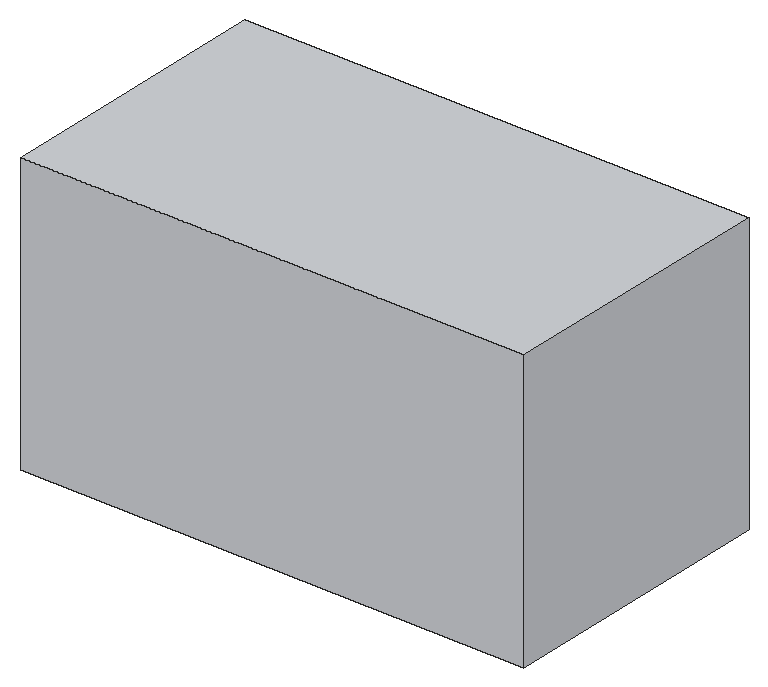
Revit family "681176691c8e49f7995e14f897052e7e", category Conduit Fittings, Revit 2021
Family settings
  Round Connector Dimension = Use Radius
  Part Type = Multi Port
  OmniClass Number = 23.80.30.17.11
  OmniClass Title = Conduits
  Work Plane-Based = No
  Always vertical = Yes
  Cut with Voids When Loaded = No
  Shared = No
Parameters (values of type "Single Gang")
  Width 2 [instance] = Max Nominal Diameter 12 + 0' 0 1/2"  # 1"
  Width 1 [instance] = (Width - Width 2) * 0.5  # 3/4"
  Width [instance] = if(not(Max Nominal Diameter 12 > 0' 0 3/4"), Outside Width, 6 * Max Nominal Diameter 12)  # 2 1/2"
  Outside Width [instance] = 2 1/2"
  Nominal Radius 2 [instance] = 1/4"
  Nominal Radius 1 [instance] = 1/4"
  Nominal Diameter 2 [instance] = Nominal Radius 2 * 2  # 1/2"
  Nominal Diameter 1 [instance] = Nominal Radius 1 * 2  # 1/2"
  Max Nominal Diameter 12 [instance] = if(Nominal Diameter 1 > Nominal Diameter 2, Nominal Diameter 1, Nominal Diameter 2)  # 1/2"
  Length [instance] = if(not(Max Nominal Diameter 12 > 0' 1"), 0' 4 1/2", 8 * Max Nominal Diameter 12)  # 4 1/2"
  Height [instance] = if(not(Max Nominal Diameter 12 > 0' 1"), 0' 2 1/2", if(Max Nominal Diameter 12 < 0' 6", 0' 6", Max Nominal Diameter 12 * 1.2))  # 2 1/2"
  Default Elevation = 0' - 0"
Types (3): name | Width 1 | Width | Outside Width
  (no name) | 3/4" | 2 1/2" | 2 1/2"
  Single Gang | 3/4" | 2 1/2" | 2 1/2"
  Double Gang | 1 7/8" | 4 3/4" | 4 3/4"
Reference planes (in)
  plane 1 "Center (Front/Back)": y = 0
  plane 2: z = 0
  plane 3 "Center (Left/Right)": x = 0
  plane 4: y = 0.75
  plane 5: y = -1.75
  plane 6: x = 4.5
  plane 7: z = -1.25
  plane 8: z = 1.25
  plane 9: y = -1
Forms (in)
  Extrusion 1, solid
    sketch origin (0, 0, 0) x (1, 0, 0) y (0, 1, 0)
      loop
        line (0, 0.75) -> (0, -1.75) -> (4.5, -1.75) -> (4.5, 0.75) -> (0, 0.75)
    from -1.25 to 1.25
  Extrusion 2, solid
    sketch origin (0, 0, 0) x (0, 1, 0) y (0, 0, 1)
      loop
        circle (0, 0) r 0.25
    from 0 to 0.96576
  Extrusion 3, solid
    sketch origin (0, 0, 0) x (0, 1, 0) y (0, 0, 1)
      loop
        circle (-1, 0) r 0.25
    from 0 to 0.96576
Cuts and joins
  joined: Extrusion 1, Extrusion 2, Extrusion 3
Dimensions and locks (in)
  equal spacing: plane 8, plane 2, plane 7
  locked: level to plane 2
  "Height": plane 8 to plane 7
  "Length": plane 3 "Center (Left/Right)" to plane 6
  "Width 1": plane 4 to plane 1 "Center (Front/Back)"
  "Width 2": plane 9 to plane 1 "Center (Front/Back)"
  "Width": plane 4 to plane 5
  "Nominal Radius 1": radius of Extrusion 2 sketch curve
  "Nominal Radius 1": radius of Extrusion 3 sketch curve
  aligned and locked: Extrusion 1 sketch curve to plane 4
  aligned and locked: plane 5 to Extrusion 1 sketch curve
  aligned and locked: Extrusion 1 sketch curve to plane 6
  aligned: Extrusion 1 to plane 2
  aligned and locked: Extrusion 1 to plane 7
  aligned and locked: plane 8 to Extrusion 1
  aligned and locked: Extrusion 1 to plane 3 "Center (Left/Right)"
  aligned and locked: plane 2 to Extrusion 2 sketch curve
  aligned and locked: plane 1 "Center (Front/Back)" to Extrusion 2 sketch curve
  aligned and locked: Extrusion 2 to plane 3 "Center (Left/Right)"
  aligned and locked: plane 2 to Extrusion 3 sketch curve
  aligned and locked: plane 9 to Extrusion 3 sketch curve
  aligned and locked: Extrusion 3 to plane 3 "Center (Left/Right)"
Automatic sketch dimensions
  plane 3 "Center (Left/Right)" to Extrusion 1 sketch curve = 0' - 0"
Connectors (in)
  cabletrayconduit at (0, 0, 0), diameter 0.5, driven by "Nominal Radius 1"
    settings: on Extrusion 2, index 1, connector width 1' - 0", connector height 1' - 0", connector angle 0.00°, system type 32, placement type 0, profile type 0, connector reference index 2, is primary connector yes, connector utility param no, connector description ""
  cabletrayconduit at (0, -1, 0), diameter 0.5, driven by "Nominal Radius 2"
    settings: on Extrusion 3, index 2, connector width 1' - 0", connector height 1' - 0", connector angle 0.00°, system type 32, placement type 0, profile type 0, connector reference index 1, is primary connector no, connector utility param no, connector description ""
